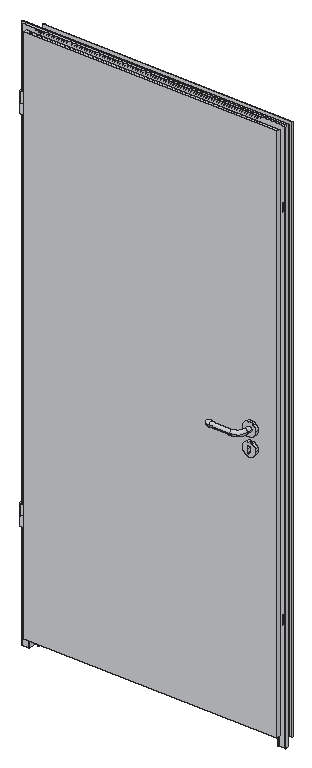
Revit family "BOS-Eckzarge-DIN-18111-1-MW_Familie", category Türen, Revit 2017
Family settings
  Basisbauteil = Wand
  Immer vertikal = Ja
  Beim Laden mit Abzugskörper schneiden = Nein
  Gemeinsam genutzt = Nein
  Raumberechnungspunkt = Ja
Parameters (values of type "Eud nach DIN 18111-1")
  Öffnungswínkel [instance] = if(Öffnungswinkel   Aperture < Öffnungswinkel min., Öffnungswinkel min., if(Öffnungswinkel   Aperture > Öffnungswinkel max., Öffnungswinkel max., Öffnungswinkel   Aperture))  # 0.00°
  Öffnungswinkel min. = 0.00°  # constant formula
  Öffnungswinkel max. = 180.00°  # constant formula
  Öffnungswinkel   Aperture [instance] = 0.00°
  Wandstärke min. = 80 mm  # constant formula
  Türblattaufschlag = 13 mm  # constant formula
  Türblattabstand unten = 7 mm  # constant formula
  Türblattabstand oben = 4 mm  # constant formula
  Türblattabstand links-rechts = 3.5 mm  # constant formula
  Stanzungenextrusionsende [instance] = Stanzungenextrusionsbeginn + 1.5 mm  # -8.5 mm
  Stanzungenextrusionsbeginn [instance] = -Putzwinkel vorne  # -10 mm
  Spiegel vorne min. = 30 mm  # constant formula
  Spiegel vorne max. = 30 mm  # constant formula
  Sickentiefe = 10 mm  # constant formula
  RNH Rohbau_Nennmaß_Höhe   Nominal Wall Opening Height Measurement [instance] = FMH Falzmaß Höhe + Einfügepunkt  # 2130 mm
  RNB Rohbau_Nennmaß_Breite   Nominal Wall Opening Width Measurement [instance] = FMB Falzmaß Breite + (2 * Einfügepunkt)  # 1010 mm
  Putzwinkel min. = 8 mm  # constant formula
  Putzwinkel max. = 28 mm  # constant formula
  Maßauswahl Hinweis sichtbar = yes
  MW Maulweite   Receiving Opening [instance] = Falztiefe gesamt + Leibungstiefe - Putzwinkel vorne  # 58.5 mm
  MW Maulweite [instance] = MW Maulweite   Receiving Opening  # 58.5 mm
  Leibungstiefe = 40 mm  # constant formula
  Drehpunktreferenz horizontal = 500 mm  # constant formula
  Türblattversatz vertikal = -7.5 mm  # constant formula
  Türblattversatz  horizontal = 9.5 mm  # constant formula
  Türblattabstand 3 = 4.5 mm  # constant formula
  Türblattabstand 2 = 4.5 mm  # constant formula
  Türblattabstand 1 = if(Gefälzt, 1.5 mm, -2 mm)  # 1.5 mm
  Wandstärke   Wall Thickness [instance] = 200 mm
  Stumpf = 1 > 2  # no
  Putzwinkel vorne   Backbend Front [instance] = 10 mm  # constant formula
  Putzwinkel hinten   Backbend Back [instance] = 17 mm  # constant formula
  LDH Lichte Durchgangs Höhe   Clearance Height [instance] = FMH Falzmaß Höhe - Falzaufschlag gesamt  # 2093 mm
  LDB Lichte Durchgangs Breite   Clearance Width [instance] = FMB Falzmaß Breite - (2 * Falzaufschlag gesamt)  # 936 mm
  Gefälzt = [Eud nach DIN 18111-1]  # yes
  URL = "www.BestOfSteel.de/stahlzargen/zargen-fuer-drehfluegeltueren/zargen-gemaess-din/"
  Türblattstärke 3 = if(Doppelfalz, Falztiefe 2, 0 mm)  # 0 mm
  Türblattstärke 2 = Türblattstärke - Türblattstärke 1 - Türblattstärke 3  # 25.5 mm
  Türblattstärke 1 = if(Gefälzt, 14.5 mm, 0 mm)  # 14.5 mm
  Türblattstärke = if(Einfachfalz, 40 mm, 65 mm)  # 40 mm
  Typenbild = <Keine Auswahl>
  Spiegel vorne   Architrave Front [instance] = 30 mm  # constant formula
  Spiegel vorne [instance] = if(Spiegel vorne   Architrave Front < Spiegel vorne min., Spiegel vorne min., if(Spiegel vorne   Architrave Front > Spiegel vorne max., Spiegel vorne max., Spiegel vorne   Architrave Front))  # 30 mm
  Rough Height = 0 mm  # constant formula
  Rough Width = 0 mm  # constant formula
  Rechtliche Hinweise [instance] = "www.BestOfSteel.de/tools-downloads/bim-building-information-modeling/"
  Putzwinkel vorne [instance] = if(Putzwinkel vorne   Backbend Front < Putzwinkel min., Putzwinkel min., if(Putzwinkel vorne   Backbend Front > Putzwinkel max., Putzwinkel max., Putzwinkel vorne   Backbend Front))  # 10 mm
  Putzwinkel hinten [instance] = if(Putzwinkel hinten   Backbend Back < Putzwinkel min., Putzwinkel min., if(Putzwinkel hinten   Backbend Back > Putzwinkel max., Putzwinkel max., Putzwinkel hinten   Backbend Back))  # 17 mm
  Information in English = no
  GT Gesamttiefe [instance] = GT Gesamttiefe_Zarge   Total Profile Depth  # 68.5 mm
  Funktion = Innen
  Falztiefe gesamt = if(Einfachfalz, Falztiefe, Falztiefe + Falztiefe 2)  # 28.5 mm
  Falztiefe 2 = 25 mm  # constant formula
  Falztiefe = Türblattstärke 2 - Türblattabstand 1 + Türblattabstand 2  # 28.5 mm
  Falzaufschlag gesamt = if(Einfachfalz, Falzaufschlag, 2 * Falzaufschlag)  # 15 mm
  FMH Falzmaß Höhe [instance] = if(Auswahl FMH Falzmaß Höhe   Rebate Height Measurement Choice < 2, 1983 mm, 2108 mm)  # 2108 mm
  FMB Falzmaß Breite [instance] = if(Auswahl FMB Falzmaß Breite   Rebate Width Measurement Choice < 2, 716 mm, if(Auswahl FMB Falzmaß Breite   Rebate Width Measurement Choice = 2, 841 mm, if(Auswahl FMB Falzmaß Breite   Rebate Width Measurement Choice = 3, 966 mm, 1091 mm)))  # 966 mm
  Drückerhöhe [instance] = if(Drückerhöhe   Handle Height < 850 mm, 850 mm, if(Drückerhöhe   Handle Height > 1050 mm, 1050 mm, Drückerhöhe   Handle Height))  # 1050 mm
  Drehpunkt Warnung sichtbar = yes
  Drehpunkt Warnung [instance] = and(Drehpunkt Warnung sichtbar, not(Öffnungswínkel = 0.00°))  # no
  Doppelfalz = 1 > 2  # no
  Einfachfalz = [Eud nach DIN 18111-1]  # yes
  Dichtungsversatz vertikal 1 [instance] = Falztiefe + 10 mm - Putzwinkel vorne  # 28.5 mm
  Dichtungsversatz horizontal 1 [instance] = 0 mm  # constant formula
  Dichtung 1 = or(Einfachfalz, Doppelfalz)  # yes
  Drehpunktposition vertikal [instance] = (Wandstärke   Wall Thickness / 2) + Putzwinkel vorne + [Drehpunktabstand (SP) vertikal]  # 118.5 mm
  Drehpunktposition horizontal [instance] = Drehpunktreferenz horizontal + Einfügepunkt + FMB Falzmaß Breite + [Drehpunktabstand (FM) horizontal]  # 1507 mm
  Drehpunktabstand (FM) horizontal = 19 mm  # constant formula
  Drehpunktabstand (SP) vertikal = 8.5 mm  # constant formula
  DIN Richtung [instance] = "DIN links/DIN rechts verwendbar"  # constant formula
  Bänder - Auswahl [instance] = "2D Bänder gefälzt, Bandaufnahmen BTV10200"  # constant formula
  Blechstärke = 1.5 mm  # constant formula
  BE max. = 100 mm  # constant formula
  BE Bodeneinstand [instance] = if(BE Bodeneinstand   Foundation Bedding < 0 mm, 0 mm, if(BE Bodeneinstand   Foundation Bedding > BE max., BE max., BE Bodeneinstand   Foundation Bedding))  # 30 mm
  Auswahl FMH Falzmaß Höhe   Rebate Height Measurement Choice [instance] = 2
  Auswahl FMB Falzmaß Breite   Rebate Width Measurement Choice [instance] = 3
  Modell = "Eud nach DIN 18111-1"
  Material - Zarge = none
  Material - Türblatt = none
  Material - Drückergarnitur = none
  Material - Dichtung = none
  Material - Bänder = none
  Material = "grundiert, feuerverzinktes Feinblech nach DIN EN 10143"
  Height [instance] = RNH Rohbau_Nennmaß_Höhe   Nominal Wall Opening Height Measurement  # 2130 mm
  Hersteller = "BOS GmbH Best Of Steel, Lütkenfelde 4, D-48282 Emsdetten"
  GT Gesamttiefe_Zarge   Total Profile Depth [instance] = Falztiefe gesamt + Leibungstiefe  # 68.5 mm
  MW Fehler [instance] = Wandstärke   Wall Thickness < Wandstärke min.  # no
  Einfügepunkt = 22 mm  # constant formula
  Drückerhöhe   Handle Height [instance] = 1050 mm  # constant formula
  Dicke = 0 mm  # constant formula
  Eud nach DIN 18111-1 = yes
  Width = 0 mm  # constant formula
  Beschreibung = "Eckzarge nach DIN 18111-1 für Mauerwerk, gefälzt"
  Bauelement = "BOS Stahlzarge"
  BOS-Architekten-Beratung = "Tel.: +49 (0) 2572 203-203; E-Mail: architekten@BestOfSteel.de"
  BE Bodeneinstand   Foundation Bedding [instance] = 30 mm  # constant formula
  BBL1 Bandbezugslinie   Hinge Position 1 = 241 mm  # constant formula
  BA Bandabstand   Distance Between Hinges [instance] = if(FMH Falzmaß Höhe < 1546 mm, 935 mm, if(FMH Falzmaß Höhe < 1671 mm, 1060 mm, if(FMH Falzmaß Höhe < 1796 mm, 1185 mm, if(FMH Falzmaß Höhe < 1921 mm, 1310 mm, if(FMH Falzmaß Höhe < 2171 mm, 1435 mm, if(FMH Falzmaß Höhe < 2296 mm, 1685 mm, if(FMH Falzmaß Höhe < 2421 mm, 1810 mm, if(FMH Falzmaß Höhe < 2546 mm, 1935 mm, if(FMH Falzmaß Höhe < 2671 mm, 2060 mm, if(FMH Falzmaß Höhe < 2796 mm, 2185 mm, 2310 mm))))))))))  # 1435 mm
  Falzaufschlag = 15 mm  # constant formula
  Technische Infos rund um die Stahlzarge = "www.BestOfSteel.de/tools-downloads/technische-infos-rund-um-die-stahlzarge/"
  Info-Texte sichtbar = yes
Reference planes
  plane 1 "Wand": y = 0
  plane 2 "Mitte (Links/rechts)": x = 125
  plane 3 "Hinten": y = 100
  plane 4 "Vorne": y = -100
  plane 5 "RNB links": x = -380
  plane 6 "RNB rechts": x = 630
  plane 7 "RNH oben": z = 2130
  plane 8 "BBL1": z = 1867
  plane 9 "Drückerhöhe": z = 1050
  plane 10 "BBL2": z = 432
  plane 11 "BE": z = -30
  plane 12 "FMH oben": z = 2108
  plane 13 "BE max.": z = -100
  plane 14 "FMB links": x = -358
  plane 15 "FMB rechts": x = 608
  plane 16 "Drehpunkt vertikal": y = -118.5
  plane 17 "Drehpunkt horizontal": x = -377
  plane 18 "Drehpunktreferenz horizontal": x = 1130
Forms (mm)
  Sweep 1, solid, material <- "Material - Zarge", visible <- "Einfachfalz", detail levels medium+fine
    path origin (0, -100, 0) x (-1, 0, 0) y (0, 0, 1)
      loop
        line (380, -30) -> (380, 2130) -> (-630, 2130) -> (-630, -30)
    profile "BOS-Eud_Profil : BOS-Eud_Profil" origin (-380, -100, 1050) x (1, 0, 0) y (0, 1, 0)
      loop
        arc (37, 56) -> (36.268, 57.768) -> (34.5, 58.5) r 2.5
        line (34.5, 58.5) -> (20, 58.5) -> (20, 57) -> (34.5, 57)
        arc (34.5, 57) -> (35.207, 56.707) -> (35.5, 56) r 1
        line (35.5, 56) -> (35.5, 21.25)
        arc (35.5, 21.25) -> (34.135, 20.005) -> (33.021, 21.479) r 1.25
        line (33.021, 21.479) -> (33.949, 26.449)
        arc (33.949, 26.449) -> (33.308, 28.917) -> (31, 30) r 3
        line (31, 30) -> (23, 30)
        arc (23, 30) -> (21.232, 29.268) -> (20.5, 27.5) r 2.5
        line (20.5, 27.5) -> (20.5, -7.5)
        arc (20.5, -7.5) -> (20.207, -8.207) -> (19.5, -8.5) r 1
        line (19.5, -8.5) -> (-5.5, -8.5)
        arc (-5.5, -8.5) -> (-6.207, -8.207) -> (-6.5, -7.5) r 1
        line (-6.5, -7.5) -> (-6.5, 0) -> (-8, 0) -> (-8, -7.5)
        arc (-8, -7.5) -> (-7.268, -9.268) -> (-5.5, -10) r 2.5
        line (-5.5, -10) -> (19.5, -10)
        arc (19.5, -10) -> (21.268, -9.268) -> (22, -7.5) r 2.5
        line (22, -7.5) -> (22, 27.5)
        arc (22, 27.5) -> (22.293, 28.207) -> (23, 28.5) r 1
        line (23, 28.5) -> (31, 28.5)
        arc (31, 28.5) -> (32.154, 27.958) -> (32.475, 26.725) r 1.5
        line (32.475, 26.725) -> (31.547, 21.755)
        arc (31.547, 21.755) -> (33.996, 18.512) -> (37, 21.25) r 2.75
        line (37, 21.25) -> (37, 56)
  Sweep 2, solid, material <- "Material - Dichtung", visible <- "Dichtung 1", detail levels medium+fine
    path origin (0, -100, 0) x (-1, 0, 0) y (0, 0, 1)
      loop
        line (358, 0) -> (358, 2108) -> (-608, 2108) -> (-608, 0)
    profile "BOS-Dichtung_Profil : BOS-Dichtung_Profil" origin (-358, -100, 1054) x (1, 0, 0) y (0, 1, 0)
      loop
        arc (2.601, 27.263) -> (2.248, 27.116) -> (2.102, 26.763) r 0.5
        line (2.102, 26.763) -> (2.102, 22.634)
        arc (2.102, 22.634) -> (2.243, 22.254) -> (2.599, 22.057) r 0.584
        line (2.599, 22.057) -> (7.702, 21.28)
        arc (7.702, 21.28) -> (8.08, 21.392) -> (8.234, 21.754) r 0.462
        line (8.234, 21.754) -> (8.069, 25.992)
        arc (8.069, 25.992) -> (7.918, 26.403) -> (7.556, 26.65) r 0.716
        arc (7.556, 26.65) -> (5.104, 27.16) -> (2.601, 27.263) r 15.257
      loop
        arc (2.671, 20.957) -> (2.274, 20.838) -> (2.102, 20.46) r 0.501
        line (2.102, 20.46) -> (2.102, 17.565)
        arc (2.102, 17.565) -> (2.227, 17.151) -> (2.561, 16.874) r 0.75
        line (2.561, 16.874) -> (9.159, 15)
        arc (9.159, 15) -> (9.738, 14.926) -> (10.314, 15.026) r 1.962
        arc (10.314, 15.026) -> (11.596, 15.754) -> (12.503, 16.916) r 3.79
        arc (12.503, 16.916) -> (12.466, 17.289) -> (12.114, 17.416) r 0.351
        arc (12.114, 17.416) -> (9.731, 17.818) -> (8.301, 19.767) r 3.215
        arc (8.301, 19.767) -> (8.101, 20.097) -> (7.751, 20.259) r 0.66
        line (7.751, 20.259) -> (2.671, 20.957)
      loop
        arc (9.885, 26.692) -> (6.361, 28.049) -> (2.611, 28.5) r 15.273
        arc (2.611, 28.5) -> (1.229, 28.241) -> (0, 27.558) r 4.388
        arc (0, 27.558) -> (-0.126, 27.198) -> (0.203, 27.005) r 0.3
        line (0.203, 27.005) -> (1.052, 27.179) -> (1.052, 22.212) -> (0.253, 21.589)
        arc (0.253, 21.589) -> (0.158, 21.198) -> (0.517, 21.017) r 0.324
        arc (0.517, 21.017) -> (0.888, 20.925) -> (1.052, 20.58) r 0.446
        line (1.052, 20.58) -> (1.052, 17.338) -> (0.255, 16.575)
        arc (0.255, 16.575) -> (0.205, 16.209) -> (0.55, 16.077) r 0.297
        arc (0.55, 16.077) -> (1.217, 16.194) -> (1.892, 16.137) r 2.63
        line (1.892, 16.137) -> (9.198, 14.049)
        arc (9.198, 14.049) -> (9.621, 14.008) -> (10.045, 14.024) r 3.219
        arc (10.045, 14.024) -> (12.714, 15.531) -> (14.033, 18.298) r 5.088
        arc (14.033, 18.298) -> (13.874, 18.708) -> (13.442, 18.788) r 0.451
        line (13.442, 18.788) -> (12.151, 18.352)
        arc (12.151, 18.352) -> (10.406, 18.72) -> (9.336, 20.147) r 2.533
        line (9.336, 20.147) -> (9.088, 25.569)
        arc (9.088, 25.569) -> (9.253, 25.964) -> (9.663, 26.087) r 0.501
        arc (9.663, 26.087) -> (10.021, 26.299) -> (9.885, 26.692) r 0.329
  Extrusion 3, void
    sketch origin (0, -100, 0) x (-1, 0, 0) y (0, 0, 1)
      loop
        line (379, 1867) -> (375, 1867) -> (375, 1832) -> (379, 1832) -> (379, 1867)
      loop
        line (379, 432) -> (375, 432) -> (375, 397) -> (379, 397) -> (379, 432)
      loop
        line (-629, 432) -> (-629, 397) -> (-625, 397) -> (-625, 432) -> (-629, 432)
      loop
        line (-629, 1867) -> (-629, 1832) -> (-625, 1832) -> (-625, 1867) -> (-629, 1867)
    from -10 <- "Stanzungenextrusionsbeginn" to -8.5 <- "Stanzungenextrusionsende"
  Sweep 4, void
    path origin (0, -100, 0) x (-1, 0, 0) y (0, 0, 1)
      loop
        line (380, 0) -> (380, 2130) -> (-125, 2130)
    profile origin (-380, -100, 1065) x (1, 0, 0) y (0, 1, 0)
      loop
        line (505, 200) -> (20, 200) -> (20, 57) -> (34.5, 57)
        arc (34.5, 57) -> (35.207, 56.707) -> (35.5, 56) r 1
        line (35.5, 56) -> (35.5, 30) -> (23, 30)
        arc (23, 30) -> (21.232, 29.268) -> (20.5, 27.5) r 2.5
        line (20.5, 27.5) -> (20.5, 0) -> (505, 0) -> (505, 200)
  Sweep 5, void
    path origin (0, -100, 0) x (-1, 0, 0) y (0, 0, 1)
      loop
        line (-630, 0) -> (-630, 2130) -> (-125, 2130)
    profile origin (630, -100, 1065) x (1, 0, 0) y (0, 1, 0)
      loop
        line (-505, 200) -> (-505, 0) -> (-20.5, 0) -> (-20.5, 27.5)
        arc (-20.5, 27.5) -> (-21.232, 29.268) -> (-23, 30) r 2.5
        line (-23, 30) -> (-35.5, 30) -> (-35.5, 56)
        arc (-35.5, 56) -> (-35.207, 56.707) -> (-34.5, 57) r 1
        line (-34.5, 57) -> (-20, 57) -> (-20, 200) -> (-505, 200)
Cuts and joins
  Extrusion 3 cuts Sweep 1
Lines and regions (mm)
  reference lines
    curve 1: line (65, 650, 0) -> (185, 650, 0)
    curve 2: line (-377, -118.5, 0) -> (323, -118.5, 0)
    curve 3: line (65, -350, 0) -> (185, -350, 0)
    curve 4: line (65, -650, 0) -> (185, -650, 0)
    curve 5: line (65, 150, 0) -> (185, 150, 0)
  symbolic lines, style "DoorsHiddenLines"
    curve 6: arc (630, -100, 0) -> (334.178, -814.178, 0) -> (-380, -1110, 0) r 1010
  symbolic lines, style "Doors"
    curve 7: line (-380, -100, 0) -> (-380, -1110, 0)
Text (mm)
  text "Außen     " at (-1696.17, 830.944, 0), in view "Ref.-Ebene"
  text "Außen" at (0, 1409.804, 2854.306), in view "Links"
  text "Placement side" at (0, 499.811, 2980.732), in view "Rechts"
Dimensions and locks
  locked: plane 3 "Hinten" to host wall
  locked: host wall to plane 4 "Vorne" at 0
  equal spacing: plane 5 "RNB links", plane 2 "Mitte (Links/rechts)", plane 6 "RNB rechts"
  "RNB Rohbau_Nennmaß_Breite   Nominal Wall Opening Width Measurement": plane 5 "RNB links" to plane 6 "RNB rechts"
  "Drückerhöhe": level to plane 9 "Drückerhöhe"
  "BE Bodeneinstand": plane 11 "BE" to level
  "Wandstärke   Wall Thickness": host wall to host wall
  "BBL1 Bandbezugslinie   Hinge Position 1": plane 12 "FMH oben" to plane 8 "BBL1"
  "BA Bandabstand   Distance Between Hinges": plane 8 "BBL1" to plane 10 "BBL2"
  "FMH Falzmaß Höhe": plane 12 "FMH oben" to level
  "RNH Rohbau_Nennmaß_Höhe   Nominal Wall Opening Height Measurement": plane 7 "RNH oben" to level
  curve 4 to curve 3 to plane 4 "Vorne" to plane 3 "Hinten" to curve 5 to curve 1 = 300 mm, 250 mm, 200 mm, 50 mm, 500 mm
  "BE max.": level to plane 13 "BE max."
  equal spacing: plane 14 "FMB links", plane 2 "Mitte (Links/rechts)", plane 15 "FMB rechts"
  "FMB Falzmaß Breite": plane 14 "FMB links" to plane 15 "FMB rechts"
  "Drehpunktreferenz horizontal": plane 6 "RNB rechts" to plane 18 "Drehpunktreferenz horizontal"
  "Drehpunktposition horizontal": plane 17 "Drehpunkt horizontal" to plane 18 "Drehpunktreferenz horizontal"
  Extrusion 3 sketch curve to plane 14 "FMB links" = 17 mm  (x2)
  Extrusion 3 sketch curve to plane 15 "FMB rechts" = 17 mm  (x2)
  "Drehpunktposition vertikal": plane 16 "Drehpunkt vertikal" to plane 1 "Wand"
  "Öffnungswínkel": angle curve 2 to plane 16 "Drehpunkt vertikal"
  aligned and locked: plane 1 "Wand" to host wall
  aligned and locked: plane 6 "RNB rechts" to nested 1
  aligned and locked: nested 1 to plane 4 "Vorne"
  aligned and locked: plane 9 "Drückerhöhe" to nested 1
  aligned and locked: Sweep 2 sketch curve to plane 14 "FMB links"
  aligned and locked: Sweep 2 sketch curve to plane 12 "FMH oben"
  aligned and locked: Sweep 2 sketch curve to plane 15 "FMB rechts"
  aligned and locked: plane 16 "Drehpunkt vertikal" to curve 2
  aligned and locked: plane 17 "Drehpunkt horizontal" to curve 2
  aligned and locked: curve 1 to nested 2
  aligned and locked: plane 2 "Mitte (Links/rechts)" to nested 2
  aligned and locked: curve 5 to nested 6
  aligned and locked: plane 2 "Mitte (Links/rechts)" to nested 6
  aligned and locked: plane 18 "Drehpunktreferenz horizontal" to nested 3
  aligned and locked: plane 1 "Wand" to nested 3
  aligned and locked: curve 3 to nested 4
  aligned and locked: nested 4 to plane 2 "Mitte (Links/rechts)"
  aligned and locked: curve 4 to nested 5
  aligned and locked: nested 5 to plane 2 "Mitte (Links/rechts)"
  aligned and locked: plane 10 "BBL2" to Extrusion 3 sketch curve
  aligned and locked: Extrusion 3 sketch curve to plane 10 "BBL2"
  aligned and locked: Extrusion 3 sketch curve to plane 8 "BBL1"
  aligned and locked: plane 8 "BBL1" to Extrusion 3 sketch curve
  aligned and locked: nested 8 to plane 10 "BBL2"
  aligned and locked: plane 8 "BBL1" to nested 7
  aligned and locked: plane 17 "Drehpunkt horizontal" to nested 8
  aligned and locked: plane 16 "Drehpunkt vertikal" to nested 7
  aligned and locked: plane 16 "Drehpunkt vertikal" to nested 8
  aligned and locked: nested 9 to curve 2
  aligned and locked: plane 5 "RNB links" to nested 10
  aligned and locked: plane 4 "Vorne" to nested 10
  aligned and locked: plane 6 "RNB rechts" to nested 11
  aligned and locked: nested 11 to plane 4 "Vorne"
  aligned and locked: plane 17 "Drehpunkt horizontal" to nested 7
  aligned and locked: Sweep 4 sketch curve to plane 7 "RNH oben"
  aligned and locked: plane 5 "RNB links" to Sweep 4 sketch curve
  aligned and locked: plane 2 "Mitte (Links/rechts)" to Sweep 4 sketch curve
  aligned and locked: level to Sweep 4 sketch curve
  aligned and locked: Sweep 4 sketch curve to cut or joined group of Sweep 1, Extrusion 3  (x5)
  aligned and locked: Sweep 4 sketch curve to nested 10  (x2)
  aligned and locked: Sweep 4 sketch curve to plane 2 "Mitte (Links/rechts)"
  aligned and locked: nested 12 to cut or joined group of Sweep 1, Extrusion 3  (x2)
  aligned and locked: plane 7 "RNH oben" to Sweep 5 sketch curve
  aligned and locked: plane 6 "RNB rechts" to Sweep 5 sketch curve
  aligned and locked: plane 2 "Mitte (Links/rechts)" to Sweep 5 sketch curve
  aligned and locked: level to Sweep 5 sketch curve
  aligned and locked: Sweep 5 sketch curve to plane 2 "Mitte (Links/rechts)"
  aligned and locked: Sweep 5 sketch curve to nested 11  (x2)
  aligned and locked: Sweep 5 sketch curve to cut or joined group of Sweep 1, Extrusion 3  (x2)
  aligned and locked: cut or joined group of Sweep 1, Extrusion 3 to Sweep 5 sketch curve  (x3)
Automatic sketch dimensions
  Sweep 1 sketch curve to plane 6 "RNB rechts" = 0 mm
  Sweep 1 sketch curve to plane 5 "RNB links" = 0 mm
  Sweep 1 sketch curve to plane 11 "BE" = 0 mm  (x2)
  Sweep 1 sketch curve to plane 7 "RNH oben" = 0 mm
  Sweep 2 sketch curve to level = 0 mm  (x2)
  host wall to curve 6 = 0 mm
  curve 6 to plane 6 "RNB rechts" = 0 mm
  Extrusion 3 sketch curve to plane 6 "RNB rechts" = 1 mm  (x2)
  plane 5 "RNB links" to Extrusion 3 sketch curve = 1 mm  (x2)
  Extrusion 3 sketch curve to Extrusion 3 sketch curve = 35 mm  (x4)
  Sweep 5 sketch curve to Sweep 5 sketch curve = 1 mm
  host wall to curve 7 = 0 mm
  curve 7 to plane 5 "RNB links" = 0 mm
  curve 4 to plane 2 "Mitte (Links/rechts)" = 60 mm
  curve 5 to plane 2 "Mitte (Links/rechts)" = 60 mm
  curve 3 to plane 2 "Mitte (Links/rechts)" = 60 mm
  curve 1 to plane 2 "Mitte (Links/rechts)" = 60 mm
  plane 2 "Mitte (Links/rechts)" to curve 3 = 60 mm
  plane 2 "Mitte (Links/rechts)" to curve 1 = 60 mm
  plane 2 "Mitte (Links/rechts)" to curve 4 = 60 mm
  plane 2 "Mitte (Links/rechts)" to curve 5 = 60 mm
Nested families
  nested 1: "BOS-BOS_Modell" at (630, -100, 1050), type "BOS-BOS_Modell", not visible
  nested 2: "BOS-Info-Texte_Beschriftung" at (125, 649.045, 0), visible <- "Info-Texte sichtbar", type "Technische Hinweise Norm"
  nested 3: "BOS-Info-Texte_Beschriftung" at (1130, -0.955, 0), visible <- "MW Fehler", type "Maulweite Fehlermeldung"
  nested 4: "BOS-Info-Texte_Beschriftung" at (125, -350.955, 0), visible <- "Drehpunkt Warnung", type "Drehpunkt Warnung"
  nested 5: "BOS-Info-Texte_Beschriftung" at (125, -650.955, 0), visible <- "Info-Texte sichtbar", type "Rechtliche Hinweise"
  nested 6: "BOS-Info-Texte_Beschriftung" at (125, 149.045, 0), visible <- "Maßauswahl Hinweis sichtbar", type "Maßauswahl"
  nested 7: "BOS-Band-V_Modell" at (-396.402, -142, 1867), type "BOS-Band-V_Modell", detail levels fine
    with Rechtliche Hinweise "www.BestOfSteel.de/tools-downloads/bim-building-information-modeling/"
  nested 8: "BOS-Band-V_Modell" at (-396.402, -142, 432), type "BOS-Band-V_Modell", detail levels fine
    with Rechtliche Hinweise "www.BestOfSteel.de/tools-downloads/bim-building-information-modeling/"
  nested 9: "BOS-Türblatt_Modell" at (125, -115, 0), type "BOS-Türblatt_Modell", detail levels medium+fine
    with Türblattversatz vertikal -7.5 mm, Türblattversatz horizontal 9.5 mm, Drehpunktabstand vertikal 72.5 mm, Drehpunktabstand horizontal 483 mm
  nested 10: "BOS-Eckzargen-Nagelanker_Detail" at (-359.5, -108.5, 0), type "BOS-Eckzargen-Nagelanker_Detail", detail levels fine
  nested 11: "BOS-Eckzargen-Nagelanker_Detail" at (609.5, -108.5, 0) x (-1, 0, 0) z (0, 0, 1), type "BOS-Eckzargen-Nagelanker_Detail", detail levels fine
  nested 12: "BOS-Logo_Modell" at (-367, -51.299, 0), type "BOS-Logo_Modell", detail levels fine
    with Abstand horizontal 4 mm
Definition of nested family "BOS-Band-V_Modell"
  Parameters (values of type "BOS-Band-V_Modell")
    Öffnungswinkel = 0.00°
    URL = "www.BestOfSteel.de"
    Stumpf = no
    Rechtliche Hinweise [instance] = "www.BestOfSteel.de/tools-downloads/bim-building-information-modeling/"
    Model = ""
    Material - Bänder = none
    Gefälzt = yes
    Drehwinkel = abs(Öffnungswinkel)  # 0.00°
    Description = "Band V gefälzt oder stumpf"
    Keynote = "BOS Modell"
    BOS-Architekten-Beratung = "Tel.: +49 (0) 2572 203-203; E-Mail: architekten@BestOfSteel.de"
    Technische Infos rund um die Stahlzarge = "www.BestOfSteel.de/tools-downloads/technische-infos-rund-um-die-stahlzarge/"
  Reference planes
    plane 1: y = 23.5
    plane 2: z = 0
    plane 3: x = 19.402
  Forms (mm)
    Extrusion 1, solid, material <- "Material - Bänder"
      sketch origin (15.533, 25.102, 0) x (1, 0, 0) y (0, 1, 0)
        loop
          circle (3.869, -1.602) r 7.5
      from -0.5 to -38
    Extrusion 2, solid, material <- "Material - Bänder", visible <- "Stumpf"
      sketch origin (19.402, 23.5, 0) x (1, 0, 0) y (0, 1, 0)
        loop
          arc (6.632, 3.501) -> (7.125, 2.343) -> (7.416, 1.118) r 7.5
          line (7.416, 1.118) -> (24.009, 8.202)
          arc (24.009, 8.202) -> (25.113, 9.123) -> (25.527, 10.501) r 2.5
          line (25.527, 10.501) -> (23.027, 10.501) -> (6.632, 3.501)
      from 0.5 to 36
    Extrusion 3, solid, material <- "Material - Bänder", visible <- "Gefälzt"
      sketch origin (19.402, 23.5, 0) x (0, 0, 1) y (0, 1, 0)
        loop
          circle (19, 0) r 4
      from 0 to -9.5
    Extrusion 4, solid, material <- "Material - Bänder", visible <- "Gefälzt"
      sketch origin (19.402, 23.5, 0) x (0, 1, 0) y (-1, 0, 0)
        loop
          circle (0, 0) r 7.5
      from 0.5 to 38
    Extrusion 5, solid, material <- "Material - Bänder"
      sketch origin (0, 0, 0) x (1, 0, 0) y (0, 1, 0)
        loop
          line (17.944, 32) -> (17.944, 23.5) -> (20.859, 23.5) -> (20.859, 32) -> (17.944, 32)
      from -35 to -0.5
  Lines and regions (mm)
    reference lines
      curve 1: line (19.402, 23.5, 0) -> (124.402, 23.5, 0)
  Dimensions and locks
    "Drehwinkel": angle curve 1 to plane 1
    aligned and locked: level to plane 2
  Automatic sketch dimensions
    plane 1 to Extrusion 1 sketch curve = 0 mm
    Extrusion 1 sketch curve to plane 3 = 0 mm
    plane 1 to Extrusion 4 sketch curve = 0 mm
    Extrusion 4 sketch curve to plane 3 = 0 mm
    plane 1 to Extrusion 5 sketch curve = 0 mm
    Extrusion 5 sketch curve to plane 3 = 1.457 mm
    plane 3 to Extrusion 5 sketch curve = 1.457 mm
    Extrusion 5 sketch curve to plane 1 = 8.5 mm
    Extrusion 2 sketch curve to curve 1 = 0 mm  (x2)
    curve 1 to Extrusion 2 sketch curve = 6.632 mm
    Extrusion 2 sketch curve to curve 1 = 1.118 mm
    Extrusion 2 sketch curve to Extrusion 2 sketch curve = 0.784 mm
    Extrusion 2 sketch curve to Extrusion 2 sketch curve = 16.395 mm
    Extrusion 2 sketch curve to Extrusion 2 sketch curve = 0 mm
    Extrusion 2 sketch curve to curve 1 = 8.202 mm
    Extrusion 2 sketch curve to Extrusion 2 sketch curve = 0.982 mm
    Extrusion 2 sketch curve to Extrusion 2 sketch curve = 2.5 mm
    level to Extrusion 3 sketch curve = 19 mm
    plane 1 to curve 1 = 0 mm
    curve 1 to plane 3 = 0 mm
    radius of Extrusion 1 sketch curve = 7.5 mm
    radius of Extrusion 4 sketch curve = 7.5 mm
    radius of Extrusion 3 sketch curve = 4 mm
Definition of nested family "BOS-Türblatt_Modell"
  Parameters (values of type "BOS-Türblatt_Modell")
    Default Elevation = 1219.2 mm
    URL = "www.BestOfSteel.de"
    Türblattversatz vertikal = -3.5 mm
    Türblattversatz horizontal = 11.5 mm
    Technische Infos rund um die Stahlzarge = "www.BestOfSteel.de/tools-downloads/technische-infos-rund-um-die-stahlzarge/"
    Türblattaufschlag = 13 mm
    Türblattstärke 3 = 0 mm
    Türblattstärke 2 = 25.5 mm
    Türblattstärke 1 = 14.5 mm
    Türblattstärke = 40 mm
    Türblattabstand oben = 4 mm
    Türblattabstand unten = 7 mm
    Türblattabstand links-rechts = 3.5 mm
    TAH3 Türblatt Außenmaß Höhe 3 = FMH Zargen Falzmaß Höhe - Falzaufschlag - Türblattabstand oben - Türblattabstand unten  # 2082 mm
    TAH2 Türblatt Außenmaß Höhe 2 = FMH Zargen Falzmaß Höhe - Türblattabstand oben - Türblattabstand unten  # 2097 mm
    TAH Türblatt Außenmaß Höhe = FMH Zargen Falzmaß Höhe + if(Gefälzt, Türblattaufschlag, 0 mm) - Türblattabstand oben - Türblattabstand unten  # 2110 mm
    Stumpf = no
    Rechtliche Hinweise = "www.BestOfSteel.de/tools-downloads/bim-building-information-modeling/"
    Material - Türblatt = none
    Material - Drückergarnitur = none
    Glastürdrücker DIN rechts = no
    Glastürdrücker DIN links = no
    Gefälzt = yes
    FMH Zargen Falzmaß Höhe = 2108 mm
    FMB Zargen Falzmaß Breite = 966 mm
    Einfachfalz = yes
    Drückerhöhe = 1050 mm
    Drückerabstand = 100 mm
    Drehpunktabstand vertikal = (2 * Türblattstärke) + Türblattversatz vertikal  # 76.5 mm
    Drehpunktabstand horizontal = (TAB Türblatt Außenmass Breite / 2) + if(DIN links   DIN Left, -Türblattversatz horizontal, TAB Türblatt Außenmass Breite + Türblattversatz horizontal)  # 481 mm
    Doppelfalz = no
    Drückergarnitur DIN rechts = no
    Drückergarnitur DIN links = yes
    DIN rechts   DIN Right = no
    DIN links   DIN Left = yes
    Description = "Holz- oder Glastürblatt, mit Drücker, gefälzt oder stumpf"
    Keynote = "BOS Türblatt"
    TAB3 Türblatt Außenmass Breite Türblatt 3 = FMB Zargen Falzmaß Breite - 2 * (Falzaufschlag + [Türblattabstand links-rechts])  # 929 mm
    TAB Türblatt Außenmass Breite = FMB Zargen Falzmaß Breite + 2 * (if(Gefälzt, Türblattaufschlag, 0 mm) - [Türblattabstand links-rechts])  # 985 mm
    TAB2 Türblatt Außenmass Breite Türblatt 2 = FMB Zargen Falzmaß Breite - 2 * ([Türblattabstand links-rechts])  # 959 mm
    Falzaufschlag = 15 mm
    BOS-Architekten-Beratung = "Tel.: +49 (0) 2572 203-203, Fax -209; E-Mail: architekten@BestOfSteel.de"
  Reference planes
    plane 1: y = -7
    plane 2: z = 0
    plane 3: x = 0
    plane 4: z = 7
    plane 5: z = 2117
    plane 6: x = -492.5
    plane 7: x = 492.5
    plane 8: x = -479.5
    plane 9: x = 479.5
    plane 10: x = 464.5
    plane 11: x = -464.5
    plane 12: y = 7.5
    plane 13: y = 33
    plane 14: y = 33
    plane 15: z = 2104
    plane 16: z = 2089
    plane 17: x = -392.5
    plane 18: x = 392.5
    plane 19: y = 73
    plane 20: z = 1050
    plane 21: x = -502.5
    plane 22: x = 502.5
    plane 23: z = 2127
    plane 24: x = -985
    plane 25: x = -504
    plane 26: y = -3.5
  Forms (mm)
    Extrusion 1, solid, material <- "Material - Türblatt", detail levels medium+fine
      sketch origin (0, 0, 0) x (1, 0, 0) y (0, 1, 0)
        loop
          line (-492.5, 33) -> (-492.5, -7) -> (492.5, -7) -> (492.5, 33) -> (-492.5, 33)
      from 7 to 2117
    Extrusion 2, void
      sketch origin (0, 0, 0) x (1, 0, 0) y (0, 1, 0)
        loop
          line (-502.5, 73) -> (-502.5, 7.5) -> (-479.5, 7.5) -> (-479.5, 33) -> (-464.5, 33) -> (-464.5, 73) -> (-502.5, 73)
        loop
          line (464.5, 73) -> (464.5, 33) -> (479.5, 33) -> (479.5, 7.5) -> (502.5, 7.5) -> (502.5, 73) -> (464.5, 73)
      from 7 to 2117
    Extrusion 3, void
      sketch origin (0, 0, 0) x (0, 1, 0) y (0, 0, 1)
        loop
          line (73, 2127) -> (7.5, 2127) -> (7.5, 2104) -> (33, 2104) -> (33, 2089) -> (73, 2089) -> (73, 2127)
      from -492.5 to 492.5
  Cuts and joins
    Extrusion 2, Extrusion 3 cuts Extrusion 1
  Dimensions and locks
    "Türblattabstand unten": plane 4 to plane 2
    equal spacing: plane 6, plane 3, plane 7
    "TAB Türblatt Außenmass Breite": plane 6 to plane 7
    equal spacing: plane 8, plane 3, plane 9
    "TAB2 Türblatt Außenmass Breite Türblatt 2": plane 8 to plane 9
    equal spacing: plane 11, plane 3, plane 10
    "TAB3 Türblatt Außenmass Breite Türblatt 3": plane 11 to plane 10
    "Türblattstärke 1": plane 1 to plane 12
    "Türblattstärke 2": plane 13 to plane 12
    "Türblattstärke 3": plane 14 to plane 13
    "TAH Türblatt Außenmaß Höhe": plane 5 to plane 4
    "TAH2 Türblatt Außenmaß Höhe 2": plane 15 to plane 4
    "TAH3 Türblatt Außenmaß Höhe 3": plane 16 to plane 4
    "Drückerabstand": plane 6 to plane 17
    "Drückerabstand": plane 18 to plane 7
    "Türblattstärke": plane 19 to plane 14
    "Drückerhöhe": plane 20 to plane 2
    plane 21 to plane 6 = 10 mm
    plane 7 to plane 22 = 10 mm
    plane 23 to plane 5 = 10 mm
    "Drehpunktabstand horizontal": plane 24 to plane 25
    "TAB Türblatt Außenmass Breite": plane 24 to plane 3
    "Drehpunktabstand vertikal": plane 19 to plane 26
    aligned and locked: level to plane 2
    aligned and locked: Extrusion 1 sketch curve to plane 1
    aligned and locked: Extrusion 1 sketch curve to plane 6
    aligned and locked: Extrusion 1 sketch curve to plane 14
    aligned and locked: Extrusion 1 sketch curve to plane 7
    aligned and locked: Extrusion 1 to plane 4
    aligned and locked: plane 5 to Extrusion 1
    aligned and locked: plane 19 to Extrusion 2 sketch curve
    aligned and locked: plane 11 to Extrusion 2 sketch curve
    aligned and locked: plane 13 to Extrusion 2 sketch curve  (x2)
    aligned and locked: plane 8 to Extrusion 2 sketch curve
    aligned and locked: Extrusion 2 sketch curve to plane 12
    aligned and locked: plane 10 to Extrusion 2 sketch curve
    aligned and locked: plane 9 to Extrusion 2 sketch curve
    aligned and locked: plane 12 to Extrusion 2 sketch curve
    aligned and locked: Extrusion 2 sketch curve to plane 19
    aligned and locked: Extrusion 2 to plane 4
    aligned and locked: plane 5 to Extrusion 2
    aligned and locked: Extrusion 3 sketch curve to plane 12
    aligned and locked: plane 19 to Extrusion 3 sketch curve
    aligned and locked: Extrusion 3 sketch curve to plane 16
    aligned and locked: Extrusion 3 sketch curve to plane 15
    aligned and locked: Extrusion 3 sketch curve to plane 13
    aligned and locked: plane 7 to Extrusion 3
    aligned and locked: Extrusion 3 to plane 6
    aligned and locked: plane 22 to Extrusion 2 sketch curve
    aligned and locked: Extrusion 2 sketch curve to plane 21
    aligned and locked: plane 23 to Extrusion 3 sketch curve
    aligned and locked: nested 1 to plane 20
    aligned and locked: plane 20 to nested 3
    aligned and locked: plane 20 to nested 2
    aligned and locked: nested 4 to plane 20
    aligned and locked: nested 1 to plane 17
    aligned and locked: nested 3 to plane 17
    aligned and locked: nested 2 to plane 18
    aligned and locked: nested 4 to plane 18
    aligned and locked: plane 1 to nested 1
    aligned and locked: nested 3 to plane 14
    aligned and locked: plane 14 to nested 4
    aligned and locked: nested 2 to plane 1
  Nested families
    nested 1: "BOS-Drückergarnitur_Modell" at (-392.5, -7, 1050), visible <- "Drückergarnitur DIN rechts", type "BOS-Drückergarnitur_Modell", detail levels fine
    nested 2: "BOS-Drückergarnitur_Modell" at (392.5, -7, 1050) x (-1, 0, 0) z (0, 0, 1), visible <- "Drückergarnitur DIN links", type "BOS-Drückergarnitur_Modell", detail levels fine
    nested 3: "BOS-Drückergarnitur_Modell" at (-392.5, 33, 1050), visible <- "Drückergarnitur DIN rechts", type "BOS-Drückergarnitur_Modell", detail levels fine
    nested 4: "BOS-Drückergarnitur_Modell" at (392.5, 33, 1050) x (-1, 0, 0) z (0, 0, 1), visible <- "Drückergarnitur DIN links", type "BOS-Drückergarnitur_Modell", detail levels fine
  Definition of nested family "BOS-Drückergarnitur_Modell"
    Parameters (values of type "BOS-Drückergarnitur_Modell")
      URL = "www.BestOfSteel.de"
      Rechtliche Hinweise = "www.BestOfSteel.de/tools-downloads/bim-building-information-modeling/"
      Material - Drückergarnitur = none
      Description = "Drücker und Rosette"
      Keynote = "BOS Drückergarnitur"
      BOS-Architekten-Beratung = "Tel.: +49 (0) 2572 203-203, Fax -209; E-Mail: architekten@BestOfSteel.de"
      Allgemeine Informationen zu Stahlzargen = "www.BestOfSteel.de/tools-downloads/technische-infos-rund-um-die-stahlzarge/"
    Reference planes
      plane 1: y = 0
      plane 2: z = 0
      plane 3: x = 0
    Forms (mm)
      Sweep 1, solid, material <- "Material - Drückergarnitur"
        path origin (0, 0, 0) x (1, 0, 0) y (0, 1, 0)
          loop
            line (0, 0) -> (0, -10)
        profile origin (0, -5, 0) x (1, 0, 0) y (0, 0, 1)
          loop
            circle (0, 0) r 26
      Sweep 2, solid, material <- "Material - Drückergarnitur"
        path origin (0, 0, 0) x (1, 0, 0) y (0, 1, 0)
          loop
            line (0, -10) -> (0, -30.336)
            arc (0, -30.336) -> (8.201, -50.135) -> (28, -58.336) r 28
            line (28, -58.336) -> (108.063, -58.336)
            arc (108.063, -58.336) -> (116.614, -56.829) -> (124.133, -52.487) r 25
        profile origin (0, -20.168, 0) x (1, 0, 0) y (0, 0, 1)
          loop
            circle (0, 0) r 9
      Sweep 3, solid, material <- "Material - Drückergarnitur"
        path origin (0, 0, -70) x (1, 0, 0) y (0, 1, 0)
          loop
            line (0, 0) -> (0, -10)
        profile origin (0, -5, -70) x (1, 0, 0) y (0, 0, 1)
          loop
            circle (0, 0) r 26
          loop
            arc (-4.3, -12.6) -> (0, -16.9) -> (4.3, -12.6) r 4.3
            line (4.3, -12.6) -> (4.3, 0)
            arc (4.3, 0) -> (7.07, 8.305) -> (0, 13.47) r 7.421
            arc (0, 13.47) -> (-7.07, 8.305) -> (-4.3, 0) r 7.421
            line (-4.3, 0) -> (-4.3, -12.6)
    Dimensions and locks
      plane 2 to Sweep 3 = 70 mm
    Automatic sketch dimensions
      Sweep 1 sketch curve to plane 3 = 0 mm
      plane 1 to Sweep 1 sketch curve = 0 mm
      plane 1 to Sweep 1 sketch curve = 10 mm
      level to Sweep 1 sketch curve = 0 mm
      profile plane to Sweep 1 sketch curve = 0 mm
      Sweep 2 sketch curve to plane 3 = 0 mm
      plane 3 to Sweep 2 sketch curve = 28 mm
      plane 1 to Sweep 2 sketch curve = 33.336 mm
      Sweep 2 sketch curve to Sweep 2 sketch curve = 80.063 mm
      plane 1 to Sweep 2 sketch curve = 58.336 mm
      Sweep 2 sketch curve to Sweep 2 sketch curve = 16.07 mm
      plane 1 to Sweep 2 sketch curve = 10 mm
      level to Sweep 2 sketch curve = 0 mm
      profile plane to Sweep 2 sketch curve = 0 mm
      Sweep 3 sketch curve to plane 3 = 0 mm
      plane 1 to Sweep 3 sketch curve = 0 mm
      plane 1 to Sweep 3 sketch curve = 10 mm
      Sweep 3 sketch curve to Sweep 3 sketch curve = 0 mm  (x2)
      Sweep 3 sketch curve to profile plane = 0 mm  (x2)
      profile plane to Sweep 3 sketch curve = 0 mm  (x3)
      Sweep 3 sketch curve to Sweep 3 sketch curve = 4.3 mm
      Sweep 3 sketch curve to Sweep 3 sketch curve = 12.6 mm
      profile plane to Sweep 3 sketch curve = 6.049 mm
      radius of Sweep 1 sketch curve = 26 mm
      radius of Sweep 2 sketch curve = 9 mm
      radius of Sweep 3 sketch curve = 26 mm
Definition of nested family "BOS-BOS_Modell"
  Parameters (values of type "BOS-BOS_Modell")
    Abstand = 22 mm
  Reference planes
    plane 1 "Mitte (Vorne/hinten)": y = 0
    plane 2: z = 0
    plane 3 "Mitte (Links/rechts)": x = 0
    plane 4 "BOS": x = -22
  Dimensions and locks
    "Abstand": plane 4 "BOS" to plane 3 "Mitte (Links/rechts)"
    aligned and locked: level to plane 2
    aligned and locked: plane 1 "Mitte (Vorne/hinten)" to text3d elem
    aligned and locked: text3d elem to level
Definition of nested family "BOS-Info-Texte_Beschriftung"
  Parameters (values of type "Drehpunkt Warnung")
    Unten = no
    Schwarz = yes
    Rot = no
    Oben = yes
    Info-Text En unten = "Kein Text"
    Info-Text De unten = "Kein Text"
    Info-Text En oben = "The actual pivot point of the door leaf\r\nmay differ from the one illustrated!"
    Englisch unten rot = and(and(Unten, Englisch), Rot)  # no
    Englisch unten schwarz = and(and(Unten, Englisch), Schwarz)  # no
    Englisch oben rot = and(and(Oben, Englisch), Rot)  # no
    Englisch oben schwarz = and(and(Oben, Englisch), Schwarz)  # no
    Info-Text De oben = "Der tatsächliche Drehpunkt des Türblattes\r\nkann von der Darstellung abweichen!"
    Warndreieck = no
    Fehlerkreis = no
    Englisch = no
    Deutsch unten rot = and(and(Unten, Deutsch), Rot)  # no
    Deutsch unten schwarz = and(and(Unten, Deutsch), Schwarz)  # no
    Deutsch oben rot = and(and(Oben, Deutsch), Rot)  # no
    Deutsch oben schwarz = and(and(Oben, Deutsch), Schwarz)  # yes
    Deutsch = not(Englisch)  # yes
    Ausrufezeichen = "!"
  Types (12, lengths in mm): name | Unten | Schwarz | Rot | Oben | Info-Text En unten | Info-Text De unten | Info-Text En oben | Info-Text De oben | Warndreieck | Fehlerkreis | Deutsch unten schwarz | Deutsch oben rot | Deutsch oben schwarz
    Rechtliche Hinweise | no | yes | no | yes | "Kein Text" | "Kein Text" | "In accordance with the protection note according to DIN 34, the ownership and copyrights are reserved!\r\n© 2016 BOS GmbH, Emsdetten, Germany -\r\nObserve the ISO 16016 protective label (see ID data)!\r\n\r\nSubject to technical change!" | "Entsprechend dem Schutzvermerk nach DIN 34 behalten wir uns Eigentum und Urheberrecht vor!\r\n© 2016 BOS GmbH, Emsdetten, Deutschland -\r\nSchutzvermerk ISO 16016 beachten (siehe ID-Daten)!\r\n\r\nTechnische Änderungen vorbehalten!" | no | no | no | no | yes
    Maulweite Fehlermeldung | no | yes | no | yes | "Kein Text" | "Kein Text" | "Check the wall thickness!" | "Wandstärke prüfen!" | no | yes | no | no | yes
    Verstellbereich | no | yes | no | yes | "Kein Text" | "Kein Text" | "Adjustment area from -5 to +15mm,\r\nother adjustment areas possible" | "Verstellbereich von -5 bis +15mm\r\nanderer Verstellbereich möglich" | no | no | no | no | yes
    Verstellbereich wSvdW | no | yes | no | yes | "Kein Text" | "Kein Text" | "Adjustment area in the soffit from -2 to +15mm,\r\nother adjustment areas possible" | "Verstellbereich in der Zargenleibung von -2 bis +15mm\r\nanderer Verstellbereich möglich" | no | no | no | no | yes
    Wandartauswahl 15Nz15Z | no | yes | no | yes | "Kein Text" | "Kein Text" | "Attention for stud walls: underlay from site required!\r\nFor DIN door leaves, select larger structural wall measurements.\r\nFor selection \"stud walls\":\r\nsee 'Features' (remove tick for brick walls)" | "Achtung bei Ständerwerk: bauseitige Unterfütterung erforderlich!\r\nBei DIN-Türblatt Rohbaumaße größer wählen.\r\nFür Auswahl \"Ständerwerk\": \r\nsiehe 'Eigenschaften' (Häkchen entfernen bei Mauerwerk)." | no | no | no | no | yes
    Technische Hinweise | no | yes | no | yes | "Kein Text" | "Kein Text" | "Due to manufacturing reasons this Revit family may not be changed\r\nwithout consulting BOS!\r\n\r\nDo not mirror frames (door list)!\r\nsee ‘Features’: DIN left / DIN right\r\n\r\nThe solid and stud walls or, for example, their profiles,\r\nmust be designed so that they can reliably and sustainably\r\nabsorb the static and dynamic forces resulting\r\nfrom the load on the door element used." | "Diese Revit-Familie darf aus fertigungstechnischen Gründen\r\nnicht ohne Rücksprache mit BOS abgeändert werden!\r\n\r\nZargen nicht spiegeln (Türliste)!\r\nsiehe 'Eigenschaften': DIN links / DIN rechts\r\n\r\nDie Massiv- und Ständerwerkswände bzw. deren Profile\r\nmüssen so ausgebildet sein, dass sie die statischen\r\nund dynamischen Kräfte, welche sich aus der Belastung\r\nder verwendeten Türelements ergeben, zuverlässig\r\nund nachhaltig aufnehmen können." | no | no | no | no | yes
    Drückerhöhe Warnung | yes | yes | no | no | "Please take the handle depth/height and/or DIN opening direction into account" | "Drückertiefen/-höhen und/oder DIN Richtungen beachten/anpassen!" | "Kein Text" | "Kein Text" | yes | no | yes | no | no
    Maulweite-Dehnungsfuge Fehlermeldung | no | yes | no | yes | "Kein Text" | "Kein Text" | "Check the wall thickness and/or expansion joint!" | "Wandstärke und/oder Dehnungsfuge prüfen!" | no | yes | no | no | yes
    Technische Hinweise Norm | no | yes | no | yes | "Kein Text" | "Kein Text" | "Due to manufacturing reasons this Revit family may not be changed\r\nwithout consulting BOS!\r\n\r\nThe solid and stud walls or, for example, their profiles,\r\nmust be designed so that they can reliably and sustainably\r\nabsorb the static and dynamic forces resulting\r\nfrom the load on the door element used." | "Diese Revit-Familie darf aus fertigungstechnischen Gründen\r\nnicht ohne Rücksprache mit BOS abgeändert werden!\r\n\r\nDie Massiv- und Ständerwerkswände bzw. deren Profile\r\nmüssen so ausgebildet sein, dass sie die statischen\r\nund dynamischen Kräfte, welche sich aus der Belastung\r\nder verwendeten Türelements ergeben, zuverlässig\r\nund nachhaltig aufnehmen können." | no | no | no | no | yes
    Maßauswahl | no | no | yes | yes | "Kein Text" | "Kein Text" | "To choose  Rebate Width/Height Measurement, Receiving Opening\r\nsee 'Features'" | "Auswahl von FMB, FMH, MW\r\nunter 'Eigenschaften'" | no | no | no | yes | no
    Rohbaumaß Warnung | no | yes | no | yes | "Kein Text" | "Kein Text" | "For DIN door leaves, select larger structural wall measurements!\r\nWhen changing the architrave widths, the structural measurements change accordingly." | "Bei DIN-Türblatt Rohbaumaße größer wählen!\r\nBei Änderung der Spiegelbreiten, Rohbaumaße beachten." | no | no | no | no | yes
    Drehpunkt Warnung | no | yes | no | yes | "Kein Text" | "Kein Text" | "The actual pivot point of the door leaf\r\nmay differ from the one illustrated!" | "Der tatsächliche Drehpunkt des Türblattes\r\nkann von der Darstellung abweichen!" | no | no | no | no | yes
  Reference planes
    plane 1: y = 0.955
    plane 2: x = 0
  Lines and regions (mm)
    Filled region 1, type "Gefüllter Bereich Gelb", visible <- "Warndreieck"
      outline origin (-7.188, 1.747, 0) x (1, 0, 0) y (0, 1, 0)
        loop
          line (5.951, -3.033) -> (8.413, -3.033) -> (7.182, -0.9) -> (5.951, -3.033)
    Filled region 2, type "Gefüllter Bereich Rot", visible <- "Fehlerkreis"
      outline origin (0, -3.763, 0) x (1, 0, 0) y (0, 1, 0)
        loop
          circle (0, 3.1) r 1.5
        loop
          line (-0.937, 3.486) -> (-0.937, 2.686) -> (1.023, 2.686) -> (1.023, 3.486) -> (-0.937, 3.486)
    Filled region 3, type "Gefüllter Bereich Weiss", visible <- "Fehlerkreis"
      outline origin (-7.014, -2.062, 0) x (1, 0, 0) y (0, 1, 0)
        loop
          line (6.077, 1.785) -> (6.077, 0.985) -> (8.038, 0.985) -> (8.038, 1.785) -> (6.077, 1.785)
  Text (mm)
    label "Info-Text De oben schwarz" at (0.065, 1.415, 0), shows "Info-Text De oben", visible <- "Deutsch oben schwarz"
    label "!" at (0.065, -0.414, 0), shows "Ausrufezeichen", visible <- "Warndreieck"
    label "Info-Text En oben schwarz" at (0.065, 1.415, 0), shows "Info-Text En oben", visible <- "Englisch oben schwarz"
    label "Info-Text De unten schwarz" at (0.218, -2.468, 0), shows "Info-Text De unten", visible <- "Deutsch unten schwarz"
    label "Info-Text En unten schwarz" at (0.065, -2.419, 0), shows "Info-Text En unten", visible <- "Englisch unten schwarz"
    label "Info-Text En oben rot" at (0.065, 1.415, 0), shows "Info-Text En oben", visible <- "Englisch oben rot"
    label "Info-Text En unten rot" at (0.065, -2.419, 0), shows "Info-Text En unten", visible <- "Englisch unten rot"
    label "Info-Text De unten rot" at (0.065, -2.419, 0), shows "Info-Text De unten", visible <- "Deutsch unten rot"
    label "Info-Text De oben rot" at (-0.371, 1.396, 0), shows "Info-Text De oben", visible <- "Deutsch oben rot"
Definition of nested family "BOS-Eckzargen-Nagelanker_Detail"
  Parameters (values of type "BOS-Eckzargen-Nagelanker_Detail")
    Wandstärke = 200 mm
    URL = "www.BestOfSteel.de"
    Rechtliche Hinweise = "www.BestOfSteel.de/tools-downloads/bim-building-information-modeling/"
    Putzwinkel vorne = 10 mm
    Putzwinkel hinten = 17 mm
    GT Gesamttiefe = 68.5 mm
    BOS-Architekten-Beratung = "Tel.: +49 (0) 2572 203-203; E-Mail: architekten@BestOfSteel.de"
    Technische Infos rund um die Stahlzarge = "www.BestOfSteel.de/tools-downloads/technische-infos-rund-um-die-stahlzarge/"
    Manufacturer = "BOS GmbH Best Of Steel, Lütkenfelde 4, D-48282 Emsdetten"
    Einfügepunkt = 22 mm
    Blechstärke = 1.5 mm
    Description = "Eckzargen-Nagelanker"
    Keynote = "BOS  Detail"
    Abstand = if(Wandstärke < 176 mm, 0 mm, Wandstärke - 175 mm)  # 25 mm
  Reference planes
    plane 1: z = 0
    plane 2: y = 193.5
    plane 3: y = 23.5
    plane 4: y = 208.5
    plane 5: y = 8.5
    plane 6: x = -120.5
    plane 7: x = -20.5
    plane 8: x = -15.5
    plane 9: x = 1.5
    plane 10: y = -1.5
    plane 11: y = 168.5
    plane 12: y = 0
    plane 13: x = 0
  Lines and regions (mm)
    detail lines, in view "Ref.-Ebene"
      curve 1: arc (-2.5, 1.5, 0) -> (-1.793, 1.793, 0) -> (-1.5, 2.5, 0) r 1
      curve 2: arc (-2.5, 0, 0) -> (-0.732, 0.732, 0) -> (0, 2.5, 0) r 2.5
      curve 3: arc (-10.82, 19.284, 0) -> (-5.845, 15.54, 0) -> (-1.5, 20, 0) r 4.712
      curve 4: arc (-7.26, 10.059, 0) -> (-4.033, 10.462, 0) -> (-1.5, 12.501, 0) r 5.95
      curve 5: arc (-7.032, 11.541, 0) -> (-4.618, 11.843, 0) -> (-2.724, 13.368, 0) r 4.45
      curve 6: arc (-11.054, 12.936, 0) -> (-9.521, 11.017, 0) -> (-7.26, 10.059, 0) r 5
      curve 7: arc (-9.688, 13.555, 0) -> (-8.615, 12.212, 0) -> (-7.032, 11.541, 0) r 3.5
      curve 8: arc (-15.5, 36.063, 0) -> (-15.469, 35.429, 0) -> (-15.377, 34.802, 0) r 6.5
      curve 9: arc (-14, 35.858, 0) -> (-13.976, 35.371, 0) -> (-13.905, 34.889, 0) r 5
      curve 10: arc (-20, 1.5, 0) -> (-16.567, 6.821, 0) -> (-18.677, 12.792, 0) r 7.186
      curve 11: arc (-12.501, 1.5, 0) -> (-10.462, 4.033, 0) -> (-10.059, 7.26, 0) r 5.95
      curve 12: arc (-13.368, 2.724, 0) -> (-11.843, 4.618, 0) -> (-11.541, 7.032, 0) r 4.45
      curve 13: arc (-10.059, 7.26, 0) -> (-11.017, 9.521, 0) -> (-12.936, 11.054, 0) r 5
      curve 14: arc (-11.541, 7.032, 0) -> (-12.212, 8.615, 0) -> (-13.555, 9.688, 0) r 3.5
      curve 15: arc (-32.493, 22.92, 0) -> (-33.804, 23.353, 0) -> (-35.177, 23.5, 0) r 6.5
      curve 16: arc (-33.189, 21.588, 0) -> (-34.161, 21.896, 0) -> (-35.177, 22, 0) r 5
      curve 17: line (-35.177, 22, 0) -> (-110, 22, 0)
      curve 18: line (-110, 22, 0) -> (-110, 23.5, 0)
      curve 19: line (-110, 23.5, 0) -> (-35.177, 23.5, 0)
      curve 20: line (-14, 35.858, 0) -> (-14, 168.5, 0)
      curve 21: line (-15.5, 148.5, 0) -> (-15.5, 36.063, 0)
      curve 22: line (-1.5, 2.5, 0) -> (-1.5, 20, 0)
      curve 23: line (-1.5, 20, 0) -> (0, 20, 0)
      curve 24: line (0, 20, 0) -> (0, 2.5, 0)
      curve 25: line (-2.5, 0, 0) -> (-20, 0, 0)
      curve 26: line (-20, 0, 0) -> (-20, 1.5, 0)
      curve 27: line (-20, 1.5, 0) -> (-2.5, 1.5, 0)
      curve 28: line (-2.724, 13.368, 0) -> (-1.5, 14.764, 0)
      curve 29: line (-15.377, 34.802, 0) -> (-11.054, 12.936, 0)
      curve 30: line (-13.905, 34.889, 0) -> (-9.688, 13.555, 0)
      curve 31: line (-13.368, 2.724, 0) -> (-14.764, 1.5, 0)
      curve 32: line (-32.493, 22.92, 0) -> (-12.936, 11.054, 0)
      curve 33: line (-33.189, 21.588, 0) -> (-13.555, 9.688, 0)
      curve 34: line (-120.5, 193.5, 0) -> (-15.5, 193.5, 0)
      curve 35: line (-15.5, 23.5, 0) -> (-120.5, 23.5, 0)
      curve 36: line (-15.5, 193.5, 0) -> (-15.5, 23.5, 0)
      curve 37: line (-20.5, 193.5, 0) -> (-20.5, 23.5, 0)
      curve 38: line (-15.5, 168.5, 0) -> (-14, 168.5, 0)
      curve 39: line (-15.5, 168.5, 0) -> (-15.5, 35.426, 0)
      curve 40: line (-15.5, 35.426, 0) -> (-15.5, 168.5, 0)
  Dimensions and locks
    plane 4 to plane 2 = 15 mm
    plane 3 to plane 5 = 15 mm
    "Wandstärke": plane 4 to plane 5
    plane 6 to plane 7 = 100 mm
    plane 7 to plane 8 = 5 mm
    "Einfügepunkt": plane 7 to plane 9
    "Abstand": plane 2 to plane 11
    "Blechstärke": plane 12 to plane 10
    "Blechstärke": plane 13 to plane 9
    "Putzwinkel vorne": plane 5 to plane 10
  Automatic sketch dimensions
    curve 40 to curve 38 = 133.074 mm
    curve 1 to curve 2 = 0 mm  (x6)
    curve 4 to curve 5 = 0 mm  (x6)
    curve 6 to curve 7 = 0 mm  (x6)
    curve 11 to curve 12 = 0 mm  (x6)
    curve 13 to curve 14 = 0 mm  (x6)
    curve 15 to curve 16 = 0 mm  (x6)
    curve 17 to curve 16 = 74.99 mm
    curve 16 to curve 33 = 2.03 mm
    curve 33 to curve 32 = 1.503 mm  (x2)
    curve 15 to curve 10 = 14.795 mm
    curve 10 to curve 27 = 7.186 mm
    curve 26 to curve 12 = 6.329 mm
    curve 15 to curve 38 = 146.329 mm
    curve 21 to curve 39 = 0.636 mm
    curve 39 to curve 29 = 0.636 mm
    curve 11 to curve 13 = 0.95 mm  (x2)
    curve 8 to curve 20 = 1.514 mm
    curve 9 to curve 30 = 0.974 mm
    curve 13 to curve 33 = 3.5 mm
    curve 13 to curve 31 = 4.114 mm
    curve 33 to curve 32 = 1.5 mm  (x2)
    curve 13 to curve 29 = 2.662 mm  (x2)
    curve 6 to curve 30 = 1.5 mm  (x2)
    curve 9 to curve 8 = 5.004 mm
    curve 9 to curve 8 = 0.205 mm  (x2)
    curve 7 to curve 6 = 3.5 mm  (x2)
    curve 6 to curve 5 = 0.95 mm  (x2)
    curve 4 to curve 3 = 4.301 mm  (x2)
    curve 6 to curve 28 = 4.114 mm
    curve 12 to curve 27 = 10.936 mm
    curve 1 to curve 22 = 1 mm  (x2)
    curve 22 to curve 24 = 1.5 mm
    curve 11 to curve 31 = 1.5 mm
    curve 12 to curve 12 = 4.45 mm
    curve 26 to curve 10 = 7.186 mm
    curve 12 to curve 33 = 3.333 mm
    curve 6 to curve 28 = 8.341 mm
    curve 10 to curve 15 = 14.795 mm
    curve 4 to curve 22 = 6.329 mm
    curve 15 to curve 33 = 5 mm
    curve 3 to curve 29 = 17.211 mm
    curve 29 to curve 30 = 1.474 mm
    curve 40 to curve 8 = 0.636 mm  (x2)
    curve 31 to curve 12 = 1.857 mm
    curve 12 to curve 11 = 1.5 mm
    curve 4 to curve 6 = 0 mm  (x2)
    curve 5 to curve 28 = 1.857 mm
    curve 21 to curve 38 = 20 mm  (x2)
    curve 35 to plane 6 = 0 mm
    curve 34 to plane 6 = 0 mm
    curve 15 to plane 3 = 0 mm
    curve 37 to plane 7 = 0 mm
    curve 8 to plane 8 = 0 mm
    curve 21 to plane 8 = 0 mm
    curve 34 to plane 8 = 0 mm
    plane 11 to curve 38 = 0 mm
    curve 2 to plane 12 = 0 mm
    curve 23 to plane 13 = 0 mm
    curve 10 to plane 5 = 0.843 mm
    curve 10 to plane 7 = 3.205 mm
    curve 11 to plane 8 = 0.44 mm
    plane 8 to curve 14 = 0.499 mm
    plane 8 to curve 8 = 6.5 mm
    curve 9 to curve 8 = 0 mm
    curve 7 to plane 13 = 6.5 mm
    curve 6 to curve 4 = 0.144 mm
    curve 4 to curve 3 = 0.15 mm
    curve 11 to curve 13 = 0.144 mm
    curve 6 to curve 5 = 0.939 mm
    curve 3 to plane 3 = 3.262 mm
    plane 6 to curve 19 = 10.5 mm
    curve 33 to plane 3 = 1.912 mm
    curve 32 to plane 3 = 0.58 mm
    curve 33 to curve 32 = 0.696 mm
    plane 7 to curve 10 = 0.5 mm
    plane 7 to curve 10 = 1.823 mm
    plane 8 to curve 8 = 0.123 mm
    plane 8 to curve 31 = 0.736 mm
    plane 8 to curve 20 = 1.5 mm
    curve 9 to curve 9 = 0.095 mm
    plane 8 to curve 33 = 1.945 mm
    curve 31 to curve 31 = 1.396 mm
    curve 14 to curve 13 = 0.619 mm
    curve 12 to curve 11 = 0.867 mm
    curve 12 to plane 5 = 1.468 mm
    curve 13 to curve 29 = 1.882 mm
    plane 8 to curve 3 = 4.68 mm
    curve 6 to curve 30 = 1.366 mm
    curve 11 to curve 6 = 2.799 mm
    curve 4 to curve 7 = 0.228 mm
    curve 5 to curve 7 = 0 mm
    curve 28 to plane 13 = 2.724 mm
    curve 25 to curve 10 = 1.5 mm
    curve 11 to curve 12 = 1.224 mm
    curve 14 to curve 12 = 0 mm
    curve 13 to curve 11 = 0 mm
    plane 5 to curve 6 = 1.559 mm
    curve 5 to curve 28 = 1.396 mm
    curve 3 to plane 3 = 4.216 mm
    curve 17 to curve 18 = 1.5 mm
    plane 3 to curve 35 = 0 mm
    curve 39 to curve 40 = 0 mm
    curve 21 to curve 8 = 0 mm
    plane 2 to curve 34 = 0 mm
Definition of nested family "BOS-Logo_Modell"
  Parameters (values of type "BOS-Logo_Modell")
    URL = "www.BestOfSteel.de"
    Rechtliche Hinweise = "www.BestOfSteel.de/tools-downloads/bim-building-information-modeling/"
    Description = "BOS Logo"
    Keynote = "BOS Logo"
    BOS-Architekten-Beratung = "Tel.: +49 (0) 2572 203-203; E-Mail: architekten@BestOfSteel.de"
    Technische Infos rund um die Stahlzarge = "www.BestOfSteel.de/tools-downloads/technische-infos-rund-um-die-stahlzarge/"
    Abstand vertikal = 10 mm
    Abstand horizontal = 15 mm
  Reference planes
    plane 1: y = 0
    plane 2: z = 0
    plane 3: x = 0
    plane 4: x = -7
    plane 5: x = 7
    plane 6: y = 8.299
    plane 7: x = 15
    plane 8: y = 4.15
    plane 9: x = -15
    plane 10: y = 14.15
    plane 11: y = -5.85
  Dimensions and locks
    plane 4 to plane 3 to plane 5 = 7 mm, 7 mm
    "Abstand vertikal": plane 11 to plane 8 to plane 10
    plane 6 to plane 8 to plane 1 = 4.15 mm, 4.15 mm
    "Abstand horizontal": plane 9 to plane 3
    "Abstand horizontal": plane 3 to plane 7
    aligned and locked: level to plane 2
